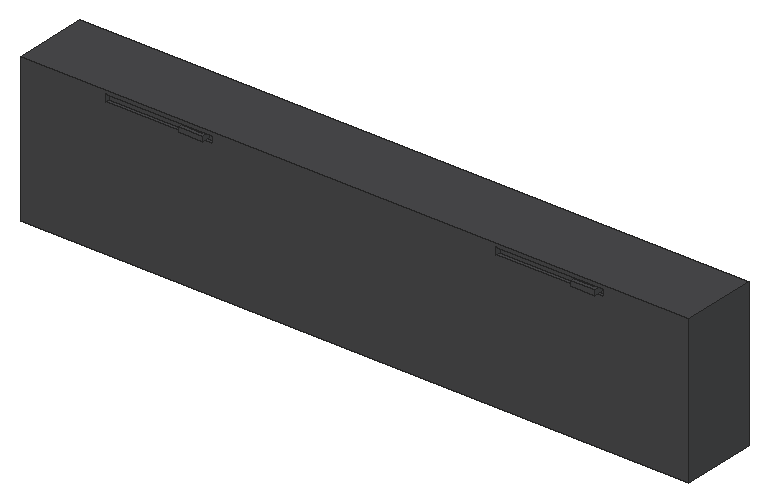
Revit family "STRIPE BLOCK CEILLING 328_DTSM15W3.2", category Luminarias, Revit 2019
Family settings
  Cota de conector redondo = Diámetro de uso
  Tipo de pieza = Normal
  Se basa en plano de trabajo = Sí
  Siempre vertical = Sí
  Corte con vacíos al cargar = No
  Origen de luz = Sí
  Compartido = No
  Punto de cálculo de habitación = No
Parameters (values of type "STRIPE BLOCK CEILLING 328_DTSM15W3.2")
  Ángulo de inclinación = 60.00°
  Zone [instance] = ""
  Watt per fixture = 15
  Wattage = 15 W
  built-in parameter 1150107 = 3000 (stored number, unit not read)
  built-in parameter 1150110 = 1 (stored number, unit not read)
  built-in parameter 1150109 = 1 (stored number, unit not read)
  built-in parameter 1150112 = 1 (stored number, unit not read)
  built-in parameter 1150113 = 1 (stored number, unit not read)
  built-in parameter 1114218 = 1 (stored number, unit not read)
  Keynote = ""
  built-in parameter 1150137 = (empty or 0)
  built-in parameter 1150132 = (empty or 0)
  Modelo = "DTSM15W3.2"
  Lámpara = "3030SMD SAMSUNG"
  built-in parameter 1150105 = 91.912 (stored number, unit not read)
  built-in parameter 1150102 = (empty or 0)
  built-in parameter 1150106 = 0.91912 (stored number, unit not read)
  Lumens = 1155 lm
  Color Filter = 16777215
  built-in parameter 1114217 = 1 (stored number, unit not read)
  built-in parameter 1150139 = (empty or 0)
  Fabricante = "BRILLANT"
  Default Elevation = 1219.2 mm
  built-in parameter 1150104 = 7.1535 (stored number, unit not read)
  Descripción = "LUMINARIA DOWNLIGHT EN FORMATO RECTANGULAR PARA SOBREPONER DIRECTO EN TECHO, CUERPO DE ALUMINIO ACABADO EN COLOR NEGRO, IP 20, PESO 0.72Kg, TIPO DE LED 2835SMD SAMSUNG CON 15W TOTAL, 1150 LUMENES, 77LM/W, IRC 90, TEMPERATURA EN BLANCO CALIDO 3000K, 50 MIL HORAS DE VIDA PROMEDIO, APERTURA DE 90 GRADOS POR STOCK, ALIMENTADO A 90-240V"
  built-in parameter 1150115 = 1 (stored number, unit not read)
  built-in parameter 1150114 = 1 (stored number, unit not read)
  Comentarios de vataje = "90-240V"
  built-in parameter 1150138 = (empty or 0)
  built-in parameter 1150134 = (empty or 0)
  Circuit [instance] = ""
  Dimming Lamp Color Temperature Shift = (empty or 0)
  Archivo de red fotométrica = "L328B-15W-830-B-90_IESNA95.IES"
  built-in parameter 1150133 = 10 (stored number, unit not read)
Reference planes
  plane 1 "Centro (Frontal/Posterior)": y = 0
  plane 2: z = 0
  plane 3 "Centro (Izquierda/Derecha)": x = 0
Forms (mm)
  Extrusion 1, solid, material "Default Form", not visible
    sketch origin (0, 0, 0) x (1, 0, 0) y (0, 0, 1)
      loop
        line (-473, 0) -> (-473, -72) -> (473, -72) -> (473, 0) -> (-473, 0)
    from -18.326 to 18.326
  Blend 2, void, not visible
    base sketch origin (-293.63, 0, 0) x (1, 0, 0) y (0, 1, 0)
      loop
        line (-162, 16.149) -> (-162, -16.149) -> (-144.14, -16.149) -> (-144.14, 16.149) -> (-162, 16.149)
    top sketch origin (-293.63, 0, 0) x (1, 0, 0) y (0, 1, 0)
      loop
        line (-160, 12.149) -> (-160, -12.149) -> (-146.14, -12.149) -> (-146.14, 12.149) -> (-160, 12.149)
    from -72 to -61.591
  Blend 3, void, not visible
    base sketch origin (-267.33, 0, 0) x (1, 0, 0) y (0, 1, 0)
      loop
        line (-162, 16.149) -> (-162, -16.149) -> (-144.14, -16.149) -> (-144.14, 16.149) -> (-162, 16.149)
    top sketch origin (-267.33, 0, 0) x (1, 0, 0) y (0, 1, 0)
      loop
        line (-160, 12.149) -> (-160, -12.149) -> (-146.14, -12.149) -> (-146.14, 12.149) -> (-160, 12.149)
    from -72 to -61.591
  Blend 4, void, not visible
    base sketch origin (-241.03, 0, 0) x (1, 0, 0) y (0, 1, 0)
      loop
        line (-162, 16.149) -> (-162, -16.149) -> (-144.14, -16.149) -> (-144.14, 16.149) -> (-162, 16.149)
    top sketch origin (-241.03, 0, 0) x (1, 0, 0) y (0, 1, 0)
      loop
        line (-160, 12.149) -> (-160, -12.149) -> (-146.14, -12.149) -> (-146.14, 12.149) -> (-160, 12.149)
    from -72 to -61.591
  Blend 5, void, not visible
    base sketch origin (-214.73, 0, 0) x (1, 0, 0) y (0, 1, 0)
      loop
        line (-162, 16.149) -> (-162, -16.149) -> (-144.14, -16.149) -> (-144.14, 16.149) -> (-162, 16.149)
    top sketch origin (-214.73, 0, 0) x (1, 0, 0) y (0, 1, 0)
      loop
        line (-160, 12.149) -> (-160, -12.149) -> (-146.14, -12.149) -> (-146.14, 12.149) -> (-160, 12.149)
    from -72 to -61.591
  Blend 6, void, not visible
    base sketch origin (-188.43, 0, 0) x (1, 0, 0) y (0, 1, 0)
      loop
        line (-162, 16.149) -> (-162, -16.149) -> (-144.14, -16.149) -> (-144.14, 16.149) -> (-162, 16.149)
    top sketch origin (-188.43, 0, 0) x (1, 0, 0) y (0, 1, 0)
      loop
        line (-160, 12.149) -> (-160, -12.149) -> (-146.14, -12.149) -> (-146.14, 12.149) -> (-160, 12.149)
    from -72 to -61.591
  Blend 7, void, not visible
    base sketch origin (-162.13, 0, 0) x (1, 0, 0) y (0, 1, 0)
      loop
        line (-162, 16.149) -> (-162, -16.149) -> (-144.14, -16.149) -> (-144.14, 16.149) -> (-162, 16.149)
    top sketch origin (-162.13, 0, 0) x (1, 0, 0) y (0, 1, 0)
      loop
        line (-160, 12.149) -> (-160, -12.149) -> (-146.14, -12.149) -> (-146.14, 12.149) -> (-160, 12.149)
    from -72 to -61.591
  Blend 8, void, not visible
    base sketch origin (-135.83, 0, 0) x (1, 0, 0) y (0, 1, 0)
      loop
        line (-162, 16.149) -> (-162, -16.149) -> (-144.14, -16.149) -> (-144.14, 16.149) -> (-162, 16.149)
    top sketch origin (-135.83, 0, 0) x (1, 0, 0) y (0, 1, 0)
      loop
        line (-160, 12.149) -> (-160, -12.149) -> (-146.14, -12.149) -> (-146.14, 12.149) -> (-160, 12.149)
    from -72 to -61.591
  Blend 9, void, not visible
    base sketch origin (-109.53, 0, 0) x (1, 0, 0) y (0, 1, 0)
      loop
        line (-162, 16.149) -> (-162, -16.149) -> (-144.14, -16.149) -> (-144.14, 16.149) -> (-162, 16.149)
    top sketch origin (-109.53, 0, 0) x (1, 0, 0) y (0, 1, 0)
      loop
        line (-160, 12.149) -> (-160, -12.149) -> (-146.14, -12.149) -> (-146.14, 12.149) -> (-160, 12.149)
    from -72 to -61.591
  Blend 10, void, not visible
    base sketch origin (-83.23, 0, 0) x (1, 0, 0) y (0, 1, 0)
      loop
        line (-162, 16.149) -> (-162, -16.149) -> (-144.14, -16.149) -> (-144.14, 16.149) -> (-162, 16.149)
    top sketch origin (-83.23, 0, 0) x (1, 0, 0) y (0, 1, 0)
      loop
        line (-160, 12.149) -> (-160, -12.149) -> (-146.14, -12.149) -> (-146.14, 12.149) -> (-160, 12.149)
    from -72 to -61.591
  Blend 11, void, not visible
    base sketch origin (-56.93, 0, 0) x (1, 0, 0) y (0, 1, 0)
      loop
        line (-162, 16.149) -> (-162, -16.149) -> (-144.14, -16.149) -> (-144.14, 16.149) -> (-162, 16.149)
    top sketch origin (-56.93, 0, 0) x (1, 0, 0) y (0, 1, 0)
      loop
        line (-160, 12.149) -> (-160, -12.149) -> (-146.14, -12.149) -> (-146.14, 12.149) -> (-160, 12.149)
    from -72 to -61.591
  Blend 12, void, not visible
    base sketch origin (-30.63, 0, 0) x (1, 0, 0) y (0, 1, 0)
      loop
        line (-162, 16.149) -> (-162, -16.149) -> (-144.14, -16.149) -> (-144.14, 16.149) -> (-162, 16.149)
    top sketch origin (-30.63, 0, 0) x (1, 0, 0) y (0, 1, 0)
      loop
        line (-160, 12.149) -> (-160, -12.149) -> (-146.14, -12.149) -> (-146.14, 12.149) -> (-160, 12.149)
    from -72 to -61.591
  Blend 13, void, not visible
    base sketch origin (-4.33, 0, 0) x (1, 0, 0) y (0, 1, 0)
      loop
        line (-162, 16.149) -> (-162, -16.149) -> (-144.14, -16.149) -> (-144.14, 16.149) -> (-162, 16.149)
    top sketch origin (-4.33, 0, 0) x (1, 0, 0) y (0, 1, 0)
      loop
        line (-160, 12.149) -> (-160, -12.149) -> (-146.14, -12.149) -> (-146.14, 12.149) -> (-160, 12.149)
    from -72 to -61.591
  Blend 14, void, not visible
    base sketch origin (21.97, 0, 0) x (1, 0, 0) y (0, 1, 0)
      loop
        line (-162, 16.149) -> (-162, -16.149) -> (-144.14, -16.149) -> (-144.14, 16.149) -> (-162, 16.149)
    top sketch origin (21.97, 0, 0) x (1, 0, 0) y (0, 1, 0)
      loop
        line (-160, 12.149) -> (-160, -12.149) -> (-146.14, -12.149) -> (-146.14, 12.149) -> (-160, 12.149)
    from -72 to -61.591
  Blend 15, void, not visible
    base sketch origin (48.27, 0, 0) x (1, 0, 0) y (0, 1, 0)
      loop
        line (-162, 16.149) -> (-162, -16.149) -> (-144.14, -16.149) -> (-144.14, 16.149) -> (-162, 16.149)
    top sketch origin (48.27, 0, 0) x (1, 0, 0) y (0, 1, 0)
      loop
        line (-160, 12.149) -> (-160, -12.149) -> (-146.14, -12.149) -> (-146.14, 12.149) -> (-160, 12.149)
    from -72 to -61.591
  Blend 16, void, not visible
    base sketch origin (74.57, 0, 0) x (1, 0, 0) y (0, 1, 0)
      loop
        line (-162, 16.149) -> (-162, -16.149) -> (-144.14, -16.149) -> (-144.14, 16.149) -> (-162, 16.149)
    top sketch origin (74.57, 0, 0) x (1, 0, 0) y (0, 1, 0)
      loop
        line (-160, 12.149) -> (-160, -12.149) -> (-146.14, -12.149) -> (-146.14, 12.149) -> (-160, 12.149)
    from -72 to -61.591
  Blend 17, void, not visible
    base sketch origin (100.87, 0, 0) x (1, 0, 0) y (0, 1, 0)
      loop
        line (-162, 16.149) -> (-162, -16.149) -> (-144.14, -16.149) -> (-144.14, 16.149) -> (-162, 16.149)
    top sketch origin (100.87, 0, 0) x (1, 0, 0) y (0, 1, 0)
      loop
        line (-160, 12.149) -> (-160, -12.149) -> (-146.14, -12.149) -> (-146.14, 12.149) -> (-160, 12.149)
    from -72 to -61.591
  Blend 18, void, not visible
    base sketch origin (127.17, 0, 0) x (1, 0, 0) y (0, 1, 0)
      loop
        line (-162, 16.149) -> (-162, -16.149) -> (-144.14, -16.149) -> (-144.14, 16.149) -> (-162, 16.149)
    top sketch origin (127.17, 0, 0) x (1, 0, 0) y (0, 1, 0)
      loop
        line (-160, 12.149) -> (-160, -12.149) -> (-146.14, -12.149) -> (-146.14, 12.149) -> (-160, 12.149)
    from -72 to -61.591
  Blend 19, void, not visible
    base sketch origin (153.47, 0, 0) x (1, 0, 0) y (0, 1, 0)
      loop
        line (-162, 16.149) -> (-162, -16.149) -> (-144.14, -16.149) -> (-144.14, 16.149) -> (-162, 16.149)
    top sketch origin (153.47, 0, 0) x (1, 0, 0) y (0, 1, 0)
      loop
        line (-160, 12.149) -> (-160, -12.149) -> (-146.14, -12.149) -> (-146.14, 12.149) -> (-160, 12.149)
    from -72 to -61.591
  Blend 20, void, not visible
    base sketch origin (179.77, 0, 0) x (1, 0, 0) y (0, 1, 0)
      loop
        line (-162, 16.149) -> (-162, -16.149) -> (-144.14, -16.149) -> (-144.14, 16.149) -> (-162, 16.149)
    top sketch origin (179.77, 0, 0) x (1, 0, 0) y (0, 1, 0)
      loop
        line (-160, 12.149) -> (-160, -12.149) -> (-146.14, -12.149) -> (-146.14, 12.149) -> (-160, 12.149)
    from -72 to -61.591
  Blend 21, void, not visible
    base sketch origin (206.07, 0, 0) x (1, 0, 0) y (0, 1, 0)
      loop
        line (-162, 16.149) -> (-162, -16.149) -> (-144.14, -16.149) -> (-144.14, 16.149) -> (-162, 16.149)
    top sketch origin (206.07, 0, 0) x (1, 0, 0) y (0, 1, 0)
      loop
        line (-160, 12.149) -> (-160, -12.149) -> (-146.14, -12.149) -> (-146.14, 12.149) -> (-160, 12.149)
    from -72 to -61.591
  Blend 22, void, not visible
    base sketch origin (232.37, 0, 0) x (1, 0, 0) y (0, 1, 0)
      loop
        line (-162, 16.149) -> (-162, -16.149) -> (-144.14, -16.149) -> (-144.14, 16.149) -> (-162, 16.149)
    top sketch origin (232.37, 0, 0) x (1, 0, 0) y (0, 1, 0)
      loop
        line (-160, 12.149) -> (-160, -12.149) -> (-146.14, -12.149) -> (-146.14, 12.149) -> (-160, 12.149)
    from -72 to -61.591
  Blend 23, void, not visible
    base sketch origin (258.67, 0, 0) x (1, 0, 0) y (0, 1, 0)
      loop
        line (-162, 16.149) -> (-162, -16.149) -> (-144.14, -16.149) -> (-144.14, 16.149) -> (-162, 16.149)
    top sketch origin (258.67, 0, 0) x (1, 0, 0) y (0, 1, 0)
      loop
        line (-160, 12.149) -> (-160, -12.149) -> (-146.14, -12.149) -> (-146.14, 12.149) -> (-160, 12.149)
    from -72 to -61.591
  Blend 24, void, not visible
    base sketch origin (284.97, 0, 0) x (1, 0, 0) y (0, 1, 0)
      loop
        line (-162, 16.149) -> (-162, -16.149) -> (-144.14, -16.149) -> (-144.14, 16.149) -> (-162, 16.149)
    top sketch origin (284.97, 0, 0) x (1, 0, 0) y (0, 1, 0)
      loop
        line (-160, 12.149) -> (-160, -12.149) -> (-146.14, -12.149) -> (-146.14, 12.149) -> (-160, 12.149)
    from -72 to -61.591
  Blend 25, void, not visible
    base sketch origin (311.27, 0, 0) x (1, 0, 0) y (0, 1, 0)
      loop
        line (-162, 16.149) -> (-162, -16.149) -> (-144.14, -16.149) -> (-144.14, 16.149) -> (-162, 16.149)
    top sketch origin (311.27, 0, 0) x (1, 0, 0) y (0, 1, 0)
      loop
        line (-160, 12.149) -> (-160, -12.149) -> (-146.14, -12.149) -> (-146.14, 12.149) -> (-160, 12.149)
    from -72 to -61.591
  Blend 26, void, not visible
    base sketch origin (337.57, 0, 0) x (1, 0, 0) y (0, 1, 0)
      loop
        line (-162, 16.149) -> (-162, -16.149) -> (-144.14, -16.149) -> (-144.14, 16.149) -> (-162, 16.149)
    top sketch origin (337.57, 0, 0) x (1, 0, 0) y (0, 1, 0)
      loop
        line (-160, 12.149) -> (-160, -12.149) -> (-146.14, -12.149) -> (-146.14, 12.149) -> (-160, 12.149)
    from -72 to -61.591
  Blend 27, void, not visible
    base sketch origin (363.87, 0, 0) x (1, 0, 0) y (0, 1, 0)
      loop
        line (-162, 16.149) -> (-162, -16.149) -> (-144.14, -16.149) -> (-144.14, 16.149) -> (-162, 16.149)
    top sketch origin (363.87, 0, 0) x (1, 0, 0) y (0, 1, 0)
      loop
        line (-160, 12.149) -> (-160, -12.149) -> (-146.14, -12.149) -> (-146.14, 12.149) -> (-160, 12.149)
    from -72 to -61.591
  Blend 28, void, not visible
    base sketch origin (390.17, 0, 0) x (1, 0, 0) y (0, 1, 0)
      loop
        line (-162, 16.149) -> (-162, -16.149) -> (-144.14, -16.149) -> (-144.14, 16.149) -> (-162, 16.149)
    top sketch origin (390.17, 0, 0) x (1, 0, 0) y (0, 1, 0)
      loop
        line (-160, 12.149) -> (-160, -12.149) -> (-146.14, -12.149) -> (-146.14, 12.149) -> (-160, 12.149)
    from -72 to -61.591
  Blend 29, void, not visible
    base sketch origin (416.47, 0, 0) x (1, 0, 0) y (0, 1, 0)
      loop
        line (-162, 16.149) -> (-162, -16.149) -> (-144.14, -16.149) -> (-144.14, 16.149) -> (-162, 16.149)
    top sketch origin (416.47, 0, 0) x (1, 0, 0) y (0, 1, 0)
      loop
        line (-160, 12.149) -> (-160, -12.149) -> (-146.14, -12.149) -> (-146.14, 12.149) -> (-160, 12.149)
    from -72 to -61.591
  Blend 30, void, not visible
    base sketch origin (442.77, 0, 0) x (1, 0, 0) y (0, 1, 0)
      loop
        line (-162, 16.149) -> (-162, -16.149) -> (-144.14, -16.149) -> (-144.14, 16.149) -> (-162, 16.149)
    top sketch origin (442.77, 0, 0) x (1, 0, 0) y (0, 1, 0)
      loop
        line (-160, 12.149) -> (-160, -12.149) -> (-146.14, -12.149) -> (-146.14, 12.149) -> (-160, 12.149)
    from -72 to -61.591
  Blend 31, void, not visible
    base sketch origin (469.07, 0, 0) x (1, 0, 0) y (0, 1, 0)
      loop
        line (-162, 16.149) -> (-162, -16.149) -> (-144.14, -16.149) -> (-144.14, 16.149) -> (-162, 16.149)
    top sketch origin (469.07, 0, 0) x (1, 0, 0) y (0, 1, 0)
      loop
        line (-160, 12.149) -> (-160, -12.149) -> (-146.14, -12.149) -> (-146.14, 12.149) -> (-160, 12.149)
    from -72 to -61.591
  Blend 32, void, not visible
    base sketch origin (495.37, 0, 0) x (1, 0, 0) y (0, 1, 0)
      loop
        line (-162, 16.149) -> (-162, -16.149) -> (-144.14, -16.149) -> (-144.14, 16.149) -> (-162, 16.149)
    top sketch origin (495.37, 0, 0) x (1, 0, 0) y (0, 1, 0)
      loop
        line (-160, 12.149) -> (-160, -12.149) -> (-146.14, -12.149) -> (-146.14, 12.149) -> (-160, 12.149)
    from -72 to -61.591
  Blend 33, void, not visible
    base sketch origin (521.67, 0, 0) x (1, 0, 0) y (0, 1, 0)
      loop
        line (-162, 16.149) -> (-162, -16.149) -> (-144.14, -16.149) -> (-144.14, 16.149) -> (-162, 16.149)
    top sketch origin (521.67, 0, 0) x (1, 0, 0) y (0, 1, 0)
      loop
        line (-160, 12.149) -> (-160, -12.149) -> (-146.14, -12.149) -> (-146.14, 12.149) -> (-160, 12.149)
    from -72 to -61.591
  Blend 34, void, not visible
    base sketch origin (547.97, 0, 0) x (1, 0, 0) y (0, 1, 0)
      loop
        line (-162, 16.149) -> (-162, -16.149) -> (-144.14, -16.149) -> (-144.14, 16.149) -> (-162, 16.149)
    top sketch origin (547.97, 0, 0) x (1, 0, 0) y (0, 1, 0)
      loop
        line (-160, 12.149) -> (-160, -12.149) -> (-146.14, -12.149) -> (-146.14, 12.149) -> (-160, 12.149)
    from -72 to -61.591
  Blend 35, void, not visible
    base sketch origin (574.27, 0, 0) x (1, 0, 0) y (0, 1, 0)
      loop
        line (-162, 16.149) -> (-162, -16.149) -> (-144.14, -16.149) -> (-144.14, 16.149) -> (-162, 16.149)
    top sketch origin (574.27, 0, 0) x (1, 0, 0) y (0, 1, 0)
      loop
        line (-160, 12.149) -> (-160, -12.149) -> (-146.14, -12.149) -> (-146.14, 12.149) -> (-160, 12.149)
    from -72 to -61.591
  Blend 36, void, not visible
    base sketch origin (600.57, 0, 0) x (1, 0, 0) y (0, 1, 0)
      loop
        line (-162, 16.149) -> (-162, -16.149) -> (-144.14, -16.149) -> (-144.14, 16.149) -> (-162, 16.149)
    top sketch origin (600.57, 0, 0) x (1, 0, 0) y (0, 1, 0)
      loop
        line (-160, 12.149) -> (-160, -12.149) -> (-146.14, -12.149) -> (-146.14, 12.149) -> (-160, 12.149)
    from -72 to -61.591
  Extrusion 37, solid, not visible
    sketch origin (-463.861, 0, 3.217) x (0, -1, 0) y (0, 0, -1)
      loop
        line (18.326, 3.217) -> (-18.326, 3.217) -> (-18.326, 73.917) -> (-32.183, 73.917) -> (-32.183, 72.617) -> (-19.626, 72.617) -> (-19.626, 1.917) -> (19.626, 1.917) -> (19.626, 72.617) -> (32.183, 72.617) -> (32.183, 73.917) -> (18.326, 73.917) -> (18.326, 3.217)
    from 89.098 to 128.24
  Extrusion 38, solid, not visible
    sketch origin (-246.523, 0, 3.217) x (0, -1, 0) y (0, 0, 1)
      loop
        line (-19.626, -1.917) -> (19.626, -1.917) -> (19.626, -63.89) -> (20.426, -63.89) -> (20.426, -1.117) -> (-20.426, -1.117) -> (-20.426, -63.89) -> (-19.626, -63.89) -> (-19.626, -1.917)
    from 122.954 to 124.098
  Extrusion 39, solid, not visible
    sketch origin (-463.861, 0, 3.217) x (0, -1, 0) y (0, 0, -1)
      loop
        line (-19.626, 1.917) -> (-19.626, 63.89) -> (-20.426, 63.89) -> (-20.426, 1.117) -> (20.426, 1.117) -> (20.426, 63.89) -> (19.626, 63.89) -> (19.626, 1.917) -> (-19.626, 1.917)
    from 122.954 to 124.098
  Extrusion 40, void, not visible
    sketch origin (0, 0, 0) x (1, 0, 0) y (0, 1, 0)
      loop
        circle (-363.799, -25.904) r 2.055
      loop
        circle (-346.585, -25.904) r 2.055
      loop
        circle (-363.799, 25.904) r 2.055
      loop
        circle (-346.585, 25.904) r 2.055
    from -70.7 to -69.4
  Extrusion 41, solid, material "Default Form"
    sketch origin (0, 0, 72) x (1, 0, 0) y (0, 0, -1)
      loop
        line (-164, 0) -> (164, 0) -> (164, 72) -> (-164, 72) -> (-164, 0)
    from -18.326 to 18.326
  Blend 42, void
    base sketch origin (21.97, 130.851, 72) x (1, 0, 0) y (0, 1, 0)
      loop
        line (-182.783, -147) -> (138.539, -147) -> (138.539, -114.702) -> (-182.783, -114.702) -> (-182.783, -147)
    top sketch origin (21.97, 130.851, 72) x (1, 0, 0) y (0, 1, 0)
      loop
        line (-179.729, -143) -> (135.271, -143) -> (135.271, -118.702) -> (-179.729, -118.702) -> (-179.729, -143)
    from -72 to -61.591
  Extrusion 43, void
    sketch origin (0, 0, 0) x (1, 0, 0) y (0, 1, 0)
      loop
        line (-122.17, -18.326) -> (-69.57, -18.326) -> (-69.57, -16.149) -> (-122.17, -16.149) -> (-122.17, -18.326)
      loop
        line (122.17, -18.326) -> (122.17, -16.149) -> (69.57, -16.149) -> (69.57, -18.326) -> (122.17, -18.326)
      loop
        line (-122.17, 18.326) -> (-122.17, 16.149) -> (-69.57, 16.149) -> (-69.57, 18.326) -> (-122.17, 18.326)
      loop
        line (122.17, 18.326) -> (69.57, 18.326) -> (69.57, 16.149) -> (122.17, 16.149) -> (122.17, 18.326)
    from 66.852 to 70.535
  Extrusion 44, solid, material "Default Form"
    sketch origin (0, 0, 0) x (1, 0, 0) y (0, 1, 0)
      loop
        line (-73.041, -16.149) -> (-74.374, -16.149) -> (-74.374, -18.326) -> (-84.875, -18.326) -> (-84.875, -20.238) -> (-73.041, -20.238) -> (-73.041, -16.149)
      loop
        line (119.435, -16.149) -> (118.101, -16.149) -> (118.101, -18.326) -> (107.601, -18.326) -> (107.601, -20.238) -> (119.435, -20.238) -> (119.435, -16.149)
      loop
        line (-73.041, 16.149) -> (-73.041, 20.238) -> (-84.875, 20.238) -> (-84.875, 18.326) -> (-74.374, 18.326) -> (-74.374, 16.149) -> (-73.041, 16.149)
      loop
        line (119.435, 16.149) -> (119.435, 20.238) -> (107.601, 20.238) -> (107.601, 18.326) -> (118.101, 18.326) -> (118.101, 16.149) -> (119.435, 16.149)
    from 67.466 to 69.773
Cuts and joins
  Blend 42, Extrusion 43 cuts Extrusion 41
Dimensions and locks
  cut or joined group of Extrusion 41, Blend 42, Extrusion 43 to cut or joined group of Extrusion 41, Blend 42, Extrusion 43 = 72 mm  (x2)
  cut or joined group of Extrusion 41, Blend 42, Extrusion 43 to cut or joined group of Extrusion 41, Blend 42, Extrusion 43 = 36.651 mm
  cut or joined group of Extrusion 41, Blend 42, Extrusion 43 to cut or joined group of Extrusion 41, Blend 42, Extrusion 43 = 328 mm
  aligned and locked: level to plane 2
Connectors
  electrical at (0, 0, 72)
    settings: on cut or joined group of Extrusion 41, Blend 42, Extrusion 43, index 1, voltage 0 V, apparent load 0 VA, apparent load phase1 0 VA, apparent load phase2 0 VA, apparent load phase3 0 VA, power factor 1, load classification "Otro", number of poles 1, system type 31, power factor state 1, is connector primary yes, connector utility no, sub classification motor no, connector description ""
